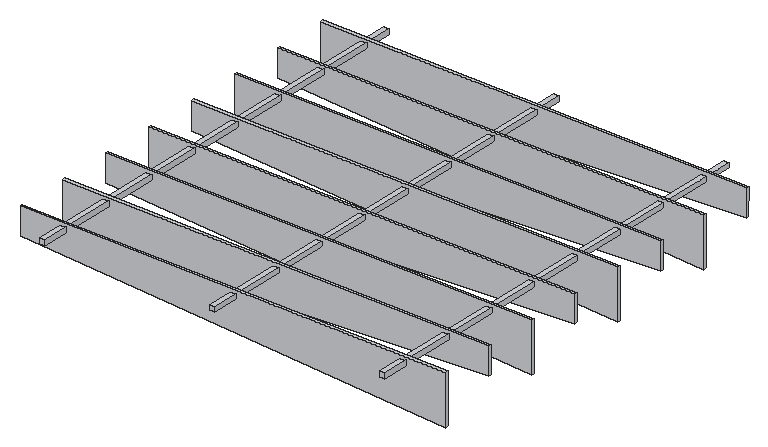
Revit family "J2 PET Felt Switch Baffle System B", category Specialty Equipment, Revit 2021
Family settings
  Round Connector Dimension = Use Diameter
  Part Type = Normal
  Work Plane-Based = No
  Always vertical = Yes
  Cut with Voids When Loaded = No
  Shared = No
  Room Calculation Point = No
Parameters (values of type "Switch Baffle System A 8'-0"x7'-11"x11"")
  Overall Width (Max. 7'-11") = 7' - 11"
  URL = "https://www.j2systems.net/"
  Symbol Name = "CSBSSW-B"
  Style Number = "CSBSSW-B"
  Release Date = "2019"
  Product Line = "Ceiling System"
  Number of Support Rails Needed = if([Overall Width (Max. 7'-11")] > 5' 6", 3, 2)  # 3
  Felt Color B = none
  End Spacing B = ([Nominal Length (Max. 8'-0")] / [Number of "A" Baffles] / 4 * 3)  # 1' - 6"
  End Spacing A = ([Nominal Length (Max. 8'-0")] / [Number of "A" Baffles] / 4)  # 0' - 6"
  Number of "B" Baffles (equal to "A" baffles) = 4
  Number of "A" Baffles = [Number of "B" Baffles (equal to "A" baffles)]  # 4
  Model = "Switch Baffle System B"
  Manufacturer = "J2 Systems"  # constant formula
  Nominal Length (Max. 8'-0") = 8' - 0"
  Felt Color A = none
  Default Elevation = 0' - 0"
  Baffle Spacing [instance] = 1' - 0"
  Baffle Height @ Narrow End = 0' - 6"
  Baffle Height (Max. 3'-11") = 0' - 11"
Types (2): name | Overall Width (Max. 7'-11") | Number of Support Rails Needed | End Spacing B | End Spacing A | Number of "B" Baffles (equal to "A" baffles) | Number of "A" Baffles | Baffle Spacing
  Switch Baffle System A 8'-0"x7'-11"x11" | 7' - 11" | 3 | 1' - 6" | 0' - 6" | 4 | 4 | 1' - 0"
  Switch Baffle System A 8'-0"x3'-11"x11" | 3' - 11" | 2 | 0' - 9" | 0' - 3" | 8 | 8 | 0' - 6"
Reference planes (in)
  plane 1 "Center (Front/Back)": y = 0
  plane 2: z = 0
  plane 3 "Center (Left/Right)": x = 0
  plane 4: y = 48
  plane 5: y = -48
  plane 6: x = -47.5
  plane 7: x = 47.5
  plane 8 "Top Edge": z = 11
  plane 9: y = 42
  plane 10: y = -42
  plane 11 "Center L/S": z = 10.25
  plane 12 "Center L/T": z = 5
  plane 13: y = 30
  plane 14: y = -30
Dimensions and locks (in)
  equal spacing: plane 4, plane 1 "Center (Front/Back)", plane 5
  equal spacing: plane 6, plane 3 "Center (Left/Right)", plane 7
  "Nominal Length (Max. 8'-0")": plane 4 to plane 5
  "Overall Width (Max. 7'-11")": plane 6 to plane 7
  "Baffle Height (Max. 3'-11")": plane 8 "Top Edge" to level
  locked: plane 6 to nested 1 at 9
  equal spacing: group 1, group 11, group 2  (x3)
  locked: nested 2 to plane 7 at 9
  "End Spacing A": plane 4 to plane 9
  "End Spacing A": plane 10 to plane 5
  plane 8 "Top Edge" to plane 11 "Center L/S" = 0' - 0 3/4"
  "Baffle Height @ Narrow End": plane 8 "Top Edge" to plane 12 "Center L/T"
  "End Spacing B": plane 4 to plane 13
  "End Spacing B": plane 14 to plane 5
  equal spacing: group 3, group 5, group 6, group 4  (x2)
  equal spacing: group 4, group 6, group 5, group 3
  equal spacing: group 7, group 9, group 10, group 8  (x2)
  equal spacing: group 8, group 10, group 9, group 7
  "Baffle Spacing": plane 9 to plane 13
  aligned and locked: plane 2 to level
  aligned and locked: plane 11 "Center L/S" to nested 2
  aligned and locked: plane 11 "Center L/S" to nested 1
  aligned and locked: nested 4 to plane 14
  aligned and locked: nested 7 to plane 13
  aligned and locked: nested 3 to plane 9
  aligned and locked: nested 8 to plane 10
Nested families (in)
  nested 1: "Aluminum Support Rail" at (-37.9375, 0, 9.125), type "Aluminum Support Rail"
    with Length 8' - 0"
  nested 2: "Aluminum Support Rail" at (37.9375, 0, 9.125), type "Aluminum Support Rail"
    with Length 8' - 0"
  nested 3: "Switch Baffle A" at (0, 42, 0), type "Switch Baffle A"
  nested 4: "Switch Baffle A" at (0, -30, 0), type "Switch Baffle A"
  nested 5: "Switch Baffle A" at (0, 18, 0), type "Switch Baffle A"
  nested 6: "Switch Baffle A" at (0, -6, 0), type "Switch Baffle A"
  nested 7: "Switch Baffle B" at (0, 30, 0), type "Switch Baffle B"
  nested 8: "Switch Baffle B" at (0, -42, 0), type "Switch Baffle B"
  nested 9: "Switch Baffle B" at (0, 6, 0), type "Switch Baffle B"
  nested 10: "Switch Baffle B" at (0, -18, 0), type "Switch Baffle B"
  nested 11: "Aluminum Support Rail" at (0, 0, 9.125), type "Aluminum Support Rail"
    with Length 8' - 0"
Definition of nested family "Aluminum Support Rail"
  Parameters (values of type "Aluminum Support Rail")
    URL = "https://www.j2systems.net/"
    Symbol Name = "CSBFRE"
    Style Number = "CSBFRE"
    Release Date = "2019"
    Product Line = "Ceiling System"
    Model = "Rectangular Baffle Single"
    Manufacturer = "J2 Systems"  # constant formula
    Length = 7' - 11"
    Default Elevation = 0' - 0"
  Reference planes (in)
    plane 1 "Center (Front/Back)": y = 0
    plane 2: z = 0
    plane 3 "Center (Left/Right)": x = 0
    plane 4: y = 47.5
    plane 5: y = -47.5
    plane 6: x = -0.5625
    plane 7: x = 0.5625
    plane 8: z = 11
  Forms (in)
    Extrusion 1, solid
      sketch origin (0, 0, 0) x (1, 0, 0) y (0, 1, 0)
        loop
          line (-0.5625, 47.5) -> (-0.5625, -47.5) -> (0.5625, -47.5) -> (0.5625, 47.5) -> (-0.5625, 47.5)
      from 0 to 1.125
  Dimensions and locks (in)
    equal spacing: plane 6, plane 3 "Center (Left/Right)", plane 7
    locked: plane 8 to level at 11
    equal spacing: plane 4, plane 1 "Center (Front/Back)", plane 5
    plane 6 to plane 7 = 0' - 1 1/8"
    "Length": plane 4 to plane 5
    aligned and locked: plane 2 to level
    aligned and locked: plane 7 to Extrusion 1
    aligned and locked: Extrusion 1 to plane 6
    aligned and locked: Extrusion 1 to plane 5
    aligned and locked: plane 4 to Extrusion 1
  Automatic sketch dimensions
    Extrusion 1 sketch curve to plane 5 = 0' - 0"
    Extrusion 1 sketch curve to plane 6 = 0' - 0"
    Extrusion 1 sketch curve to plane 7 = 0' - 0"
    Extrusion 1 sketch curve to plane 4 = 0' - 0"
Definition of nested family "Switch Baffle A"
  Parameters (values of type "Switch Baffle A")
    URL = "https://www.j2systems.net/"
    Symbol Name = "CSBFSW"
    Style Number = "CSBFSW"
    Release Date = "2019"
    Product Line = "Ceiling System"
    Model = "Switch Baffle Single"
    Manufacturer = "J2 Systems"  # constant formula
    Baffle Length (Max. 7'-11") = 7' - 11"
    Felt Color = none
    Default Elevation = 0' - 0"
    Baffle Height @ Narrow End = 0' - 6"
    Baffle Height (Max. 3'-11") = 0' - 11"
  Reference planes (in)
    plane 1 "Center (Front/Back)": y = 0
    plane 2: z = 0
    plane 3 "Center (Left/Right)": x = 0
    plane 4: y = 0.25
    plane 5: y = -0.25
    plane 6: x = -47.5
    plane 7: x = 47.5
    plane 8: z = 11
    plane 9: z = 5
  Forms (in)
    Extrusion 1, solid, material <- "Felt Color"
      sketch origin (0, 0, 0) x (1, 0, 0) y (0, 0, 1)
        loop
          line (-47.5, 11) -> (-47.5, 0) -> (47.5, 5) -> (47.5, 11) -> (-47.5, 11)
      from -0.25 to 0.25
  Dimensions and locks (in)
    equal spacing: plane 6, plane 3 "Center (Left/Right)", plane 7
    "Baffle Length (Max. 7'-11")": plane 6 to plane 7
    "Baffle Height (Max. 3'-11")": plane 8 to level
    "Baffle Height @ Narrow End": plane 8 to plane 9
    aligned and locked: plane 2 to level
    aligned and locked: plane 9 to Extrusion 1 sketch curve
    aligned and locked: plane 7 to Extrusion 1
    aligned and locked: plane 8 to Extrusion 1
    aligned and locked: Extrusion 1 to plane 6
    aligned and locked: level to Extrusion 1 sketch curve
  Automatic sketch dimensions
    Extrusion 1 sketch curve to plane 6 = 0' - 0"
    Extrusion 1 sketch curve to plane 7 = 0' - 0"
    Extrusion 1 sketch curve to plane 8 = 0' - 0"
Definition of nested family "Switch Baffle B"
  Parameters (values of type "Switch Baffle B")
    URL = "https://www.j2systems.net/"
    Symbol Name = "CSBFSW"
    Style Number = "CSBFSW"
    Release Date = "2019"
    Product Line = "Ceiling System"
    Model = "Switch Baffle Single"
    Manufacturer = "J2 Systems"  # constant formula
    Baffle Length (Max. 7'-11") = 7' - 11"
    Felt Color = none
    Default Elevation = 0' - 0"
    Baffle Height @ Narrow End = 0' - 6"
    Baffle Height (Max. 3'-11") = 0' - 11"
  Reference planes (in)
    plane 1 "Center (Front/Back)": y = 0
    plane 2: z = 0
    plane 3 "Center (Left/Right)": x = 0
    plane 4: y = 0.25
    plane 5: y = -0.25
    plane 6: x = -47.5
    plane 7: x = 47.5
    plane 8: z = 11
    plane 9: z = 5
  Forms (in)
    Extrusion 1, solid, material <- "Felt Color"
      sketch origin (0, 0, 0) x (1, 0, 0) y (0, 0, 1)
        loop
          line (-47.5, 11) -> (-47.5, 5) -> (47.5, 0) -> (47.5, 11) -> (-47.5, 11)
      from -0.25 to 0.25
  Dimensions and locks (in)
    equal spacing: plane 6, plane 3 "Center (Left/Right)", plane 7
    "Baffle Length (Max. 7'-11")": plane 6 to plane 7
    "Baffle Height (Max. 3'-11")": plane 8 to level
    "Baffle Height @ Narrow End": plane 8 to plane 9
    aligned and locked: plane 2 to level
    aligned and locked: level to Extrusion 1 sketch curve
    aligned and locked: plane 9 to Extrusion 1 sketch curve
  Automatic sketch dimensions
    Extrusion 1 sketch curve to plane 6 = 0' - 0"
    Extrusion 1 sketch curve to plane 7 = 0' - 0"
    Extrusion 1 sketch curve to plane 8 = 0' - 0"
